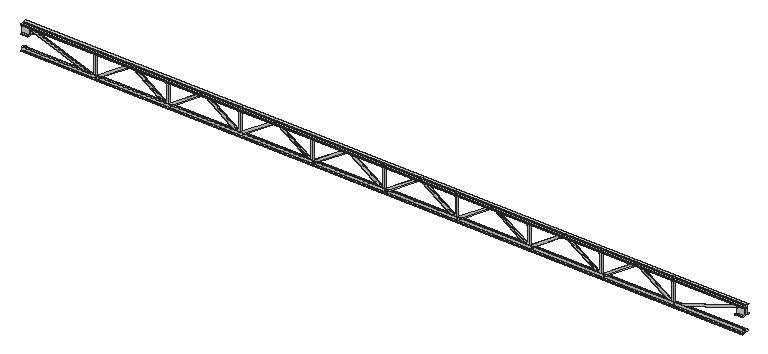
Revit family
Parameters (values of type "508VG")
  Web Thickness = 25 mm
  Vertical Member Visibility = yes
  Start Offset [instance] = 0 mm
  Top Chord Start Extension [instance] = 0 mm
  SpaceNum [instance] = 10
  Seat Length = 150 mm
  Seat Depth [instance] = 190 mm
  Rendering Material = none
  PanelWidth [instance] = Length / SpaceNum  # 1500 mm
  PanelArrayNum [instance] = SpaceNum - 3  # 7
  Panel Point Load [instance] = 18.00 kN
  Offset Length 2 [instance] = End Panel - End Offset + Bottom Chord End Extension  # 1500 mm
  Offset Length 1 [instance] = End Panel - Start Offset + Bottom Chord Start Extension  # 1500 mm
  Girder Type = "VG"
  End Panel [instance] = PanelWidth  # 1500 mm
  End Offset [instance] = 0 mm
  Top Chord End Extension [instance] = 0 mm
  Depth = 508 mm
  Cord Leg = 63.5 mm
  Chord Thickness = 12.5 mm
  Bottom Chord Start Extension [instance] = 0 mm
  Bottom Chord End Extension [instance] = 0 mm
  Assembly Code = "B1010350"
  Length [instance] = 15000 mm
Reference planes
  plane 1 "Center (Front/Back)": y = 0
  plane 2: z = 0
  plane 3 "Center (Left/Right)": x = 689.576
  plane 4 "Member Left": x = -5888.19
  plane 5 "Member Right": x = 6786.41
  plane 6: y = 76
  plane 7: y = -76
  plane 8: z = 254
  plane 9: z = -254
  plane 10 "Left": x = -6810.424
  plane 11 "Stick Symbol Left": x = -5837.39
  plane 12 "Stick Symbol Right": x = 6735.61
  plane 13 "Right": x = 8189.576
  plane 14: z = 64
  plane 15: x = -6660.424
  plane 16: x = -5310.424
  plane 17: x = 8039.576
  plane 18: x = 6689.576
  plane 19: y = 12.5
  plane 20: y = -12.5
  plane 21: z = 190.5
  plane 22: z = -190.5
  plane 23: z = -247.65
  plane 24: z = 247.65
  plane 25: x = -6810.424
  plane 26: x = 8189.576
  plane 27: x = -6810.424
  plane 28: x = 8189.576
  plane 29: x = 5189.576
  plane 30: x = -6810.424
  plane 31: x = 8189.576
  plane 32: x = -3810.424
Forms (mm)
  Extrusion 1, solid, material <- "Rendering Material", detail levels medium+fine
    sketch origin (689.576, 0, 0) x (0, 1, 0) y (0, 0, 1)
      loop
        line (76, 254) -> (12.5, 254) -> (12.5, 190.5) -> (25, 190.5) -> (25, 241.5) -> (76, 241.5) -> (76, 254)
      loop
        line (-76, 254) -> (-76, 241.5) -> (-25, 241.5) -> (-25, 190.5) -> (-12.5, 190.5) -> (-12.5, 254) -> (-76, 254)
    from -7500 to 7500
  Extrusion 2, solid, material <- "Rendering Material", detail levels medium+fine
    sketch origin (689.576, 0, 0) x (0, 1, 0) y (0, 0, 1)
      loop
        line (12.5, -190.5) -> (12.5, -254) -> (76, -254) -> (76, -241.5) -> (25, -241.5) -> (25, -190.5) -> (12.5, -190.5)
      loop
        line (-12.5, -190.5) -> (-25, -190.5) -> (-25, -241.5) -> (-76, -241.5) -> (-76, -254) -> (-12.5, -254) -> (-12.5, -190.5)
    from -7500 to 7500
  Extrusion 3, solid, material <- "Rendering Material", detail levels medium+fine
    sketch origin (689.576, 0, 0) x (0, 1, 0) y (0, 0, 1)
      loop
        line (76, 64) -> (76, 76.5) -> (25, 76.5) -> (25, 190.5) -> (12.5, 190.5) -> (12.5, 64) -> (76, 64)
      loop
        line (-76, 64) -> (-12.5, 64) -> (-12.5, 190.5) -> (-25, 190.5) -> (-25, 76.5) -> (-76, 76.5) -> (-76, 64)
    from 7350 to 7500
  Extrusion 4, solid, material <- "Rendering Material", detail levels medium+fine
    sketch origin (689.576, 0, 0) x (0, 1, 0) y (0, 0, 1)
      loop
        line (-76, 64) -> (-12.5, 64) -> (-12.5, 190.5) -> (-25, 190.5) -> (-25, 76.5) -> (-76, 76.5) -> (-76, 64)
      loop
        line (12.5, 64) -> (76, 64) -> (76, 76.5) -> (25, 76.5) -> (25, 190.5) -> (12.5, 190.5) -> (12.5, 64)
    from -7500 to -7350
  Sweep 5, solid, material <- "Rendering Material", detail levels fine
    path in 3D
      loop
        line (6689.576, 0, -247.65) -> (8039.576, 0, 190.5)
    profile "Web-Profile : Web-Profile" origin (7364.576, 0, -28.575) x (-0.308704, 0, 0.951158) y (0, -1, 0)
      loop
        line (-25.4, 18.85) -> (-25.4, 6.15) -> (25.4, 6.15) -> (25.4, 18.85) -> (-25.4, 18.85)
  Sweep 6, solid, material <- "Rendering Material", detail levels fine
    path in 3D
      loop
        line (-6660.424, 0, 190.5) -> (-5310.424, 0, -247.65)
    profile "Web-Profile : Web-Profile" origin (-5985.424, 0, -28.575) x (0.308704, 0, 0.951158) y (0, -1, 0)
      loop
        line (-25.4, 6.35) -> (-25.4, -6.35) -> (25.4, -6.35) -> (25.4, 6.35) -> (-25.4, 6.35)
Lines and regions (mm)
  symbolic lines, style "StructuralFraming", detail levels coarse
    curve 1: line (0, 76, 254) -> (0, 12.5, 254)
    curve 2: line (0, -76, -254) -> (0, -12.5, -254)
    curve 12: line (0, 12.5, -254) -> (0, 76, -254)
    curve 13: line (689.576, 12.5, -254) -> (689.576, 12.5, -190.5)
    curve 14: line (689.576, -12.5, -254) -> (689.576, -12.5, -190.5)
    curve 15: line (689.576, -12.5, 254) -> (689.576, -12.5, 190.5)
    curve 16: line (689.576, 12.5, 254) -> (689.576, 12.5, 190.5)
    curve 17: line (0, -12.5, 254) -> (0, -76, 254)
  symbolic lines, style "StructuralFraming", detail levels coarse+medium
    curve 3: line (0, 0, -254) -> (0, 0, 254)
  reference lines
    curve 4: line (-5687.39, 0, -377.508) -> (-5687.39, 0, 333.692)
    curve 5: line (-4187.39, 0, -383.858) -> (-4187.39, 0, 333.692)
    curve 6: line (6585.61, 0, -324.588) -> (6585.61, 0, 335.812)
    curve 7: line (5085.61, 0, -451.588) -> (5085.61, 0, 335.812)
  model lines, style "Joist Girder", detail levels coarse
    curve 8: line (5085.61, 0, -254) -> (-4187.39, 0, -254)
    curve 9: line (6735.61, 0, 254) -> (-5837.39, 0, 254)
  model lines, style "StructuralFraming", detail levels medium
    curve 10: line (-6660.424, 0, 190.5) -> (-5310.424, 0, -247.65)
    curve 11: line (6689.576, 0, -247.65) -> (8039.576, 0, 190.5)
  model lines, style "Web Joist", detail levels coarse
    curve 18: line (-4187.39, 0, -254) -> (-5687.39, 0, 254)
    curve 19: line (5085.61, 0, -254) -> (6585.61, 0, 254)
  sketch lines
    curve 20: line (6689.576, 0, -247.65) -> (8039.576, 0, 190.5)
    curve 21: line (-6660.424, 0, 190.5) -> (-5310.424, 0, -247.65)
  symbolic lines, detail levels fine
    curve 22: line (689.576, 12.5, 247.65) -> (689.576, -12.5, 247.65)
    curve 23: line (689.576, 12.5, -247.65) -> (689.576, -12.5, -247.65)
    curve 24: line (689.576, 12.5, -190.5) -> (689.576, 12.5, 190.5)
    curve 25: line (689.576, -12.5, -190.5) -> (689.576, -12.5, 190.5)
Dimensions and locks
  equal spacing: plane 9, plane 2, plane 8
  "Length": plane 10 "Left" to plane 13 "Right"
  equal spacing: plane 10 "Left", plane 3 "Center (Left/Right)", plane 13 "Right"
  "Seat Length": curve 4 to plane 11 "Stick Symbol Left"
  "End Panel": curve 5 to curve 4
  "Seat Length": curve 6 to plane 12 "Stick Symbol Right"
  "End Panel": curve 6 to curve 7
  "Depth": plane 9 to plane 8
  "Seat Depth": plane 8 to plane 14
  "End Panel": plane 10 "Left" to plane 16
  "End Panel": plane 13 "Right" to plane 18
  "Web Thickness": plane 19 to plane 20
  equal spacing: plane 19, plane 1 "Center (Front/Back)", plane 20
  "Cord Leg": plane 20 to plane 7
  "Cord Leg": plane 6 to plane 19
  "Cord Leg": plane 9 to plane 22
  "Cord Leg": plane 21 to plane 8
  "Chord Thickness": plane 8 to Extrusion 1 sketch curve
  "Chord Thickness": Extrusion 1 sketch curve to plane 8
  "Chord Thickness": plane 20 to Extrusion 1 sketch curve
  "Chord Thickness": Extrusion 1 sketch curve to plane 19
  "Chord Thickness": plane 9 to Extrusion 2 sketch curve  (x2)
  "Chord Thickness": Extrusion 2 sketch curve to plane 19
  "Chord Thickness": plane 20 to Extrusion 2 sketch curve
  "Chord Thickness": plane 14 to Extrusion 3 sketch curve  (x2)
  "Chord Thickness": plane 20 to Extrusion 3 sketch curve
  "Chord Thickness": Extrusion 3 sketch curve to plane 19
  "Chord Thickness": plane 14 to Extrusion 4 sketch curve  (x2)
  "Chord Thickness": Extrusion 4 sketch curve to plane 19
  "Chord Thickness": plane 20 to Extrusion 4 sketch curve
  locked: plane 23 to plane 9 at 6.35
  locked: plane 8 to plane 24 at 6.35
  "Start Offset": plane 10 "Left" to plane 27
  "Seat Length": plane 27 to plane 15
  "Top Chord Start Extension": plane 25 to plane 27
  "End Offset": plane 28 to plane 13 "Right"
  "Seat Length": plane 17 to plane 28
  "Top Chord End Extension": plane 28 to plane 26
  "PanelWidth": plane 18 to plane 29
  "Offset Length 1": plane 16 to plane 30
  "Offset Length 2": plane 31 to plane 18
  "PanelWidth": plane 16 to plane 32
  equal spacing: group 1, group 2, group 3, group 4, group 5, group 6, group 7  (x3)
  aligned and locked: curve 8 to plane 9
  aligned and locked: curve 9 to plane 8
  aligned and locked: plane 11 "Stick Symbol Left" to curve 9
  aligned and locked: curve 5 to curve 8
  aligned and locked: curve 7 to curve 8
  aligned and locked: plane 8 to Extrusion 1 sketch curve
  aligned and locked: Extrusion 1 sketch curve to plane 8
  aligned and locked: plane 6 to Extrusion 1 sketch curve
  aligned and locked: plane 7 to Extrusion 1 sketch curve
  aligned and locked: Extrusion 1 sketch curve to plane 21
  aligned and locked: plane 21 to Extrusion 1 sketch curve
  aligned and locked: plane 9 to Extrusion 2 sketch curve
  aligned and locked: Extrusion 2 sketch curve to plane 9
  aligned and locked: plane 6 to Extrusion 2 sketch curve
  aligned and locked: plane 7 to Extrusion 2 sketch curve
  aligned and locked: plane 19 to Extrusion 2 sketch curve
  aligned and locked: plane 20 to Extrusion 2 sketch curve
  aligned and locked: Extrusion 2 sketch curve to plane 22
  aligned and locked: plane 22 to Extrusion 2 sketch curve
  aligned and locked: Extrusion 3 sketch curve to plane 7
  aligned and locked: plane 14 to Extrusion 3 sketch curve
  aligned and locked: Extrusion 3 sketch curve to plane 14
  aligned and locked: Extrusion 3 sketch curve to plane 6
  aligned and locked: Extrusion 3 sketch curve to plane 20
  aligned and locked: Extrusion 3 sketch curve to plane 19
  aligned and locked: Extrusion 3 sketch curve to plane 21
  aligned and locked: plane 21 to Extrusion 3 sketch curve
  aligned and locked: Extrusion 3 to plane 17
  aligned and locked: plane 6 to Extrusion 4 sketch curve
  aligned and locked: Extrusion 4 sketch curve to plane 7
  aligned and locked: Extrusion 4 sketch curve to plane 19
  aligned and locked: plane 20 to Extrusion 4 sketch curve
  aligned and locked: plane 21 to Extrusion 4 sketch curve  (x2)
  aligned and locked: Extrusion 4 sketch curve to plane 14  (x2)
  aligned and locked: plane 15 to Extrusion 4
  aligned and locked: Extrusion 2 to curve 13
  aligned and locked: curve 13 to Extrusion 2
  aligned and locked: curve 2 to curve 14
  aligned and locked: curve 14 to Extrusion 2
  aligned and locked: Extrusion 1 to curve 15
  aligned and locked: curve 15 to Extrusion 1
  aligned and locked: curve 16 to Extrusion 1  (x2)
  aligned and locked: curve 1 to Extrusion 1
  aligned and locked: plane 12 "Stick Symbol Right" to curve 9
  aligned and locked: curve 11 to Extrusion 3
  aligned and locked: curve 4 to curve 18
  aligned and locked: curve 6 to curve 19
  aligned and locked: plane 25 to Extrusion 1
  aligned and locked: Extrusion 3 to plane 26
  aligned and locked: Extrusion 1 to plane 26
  aligned and locked: plane 25 to Extrusion 4
  aligned and locked: plane 15 to curve 10
  aligned and locked: Extrusion 1 to curve 10
  aligned and locked: plane 17 to curve 11
  aligned and locked: plane 1 "Center (Front/Back)" to nested 1
  aligned and locked: nested 1 to plane 16
  aligned and locked: plane 9 to nested 1
  aligned and locked: plane 23 to curve 10
  aligned and locked: plane 16 to curve 10
  aligned and locked: plane 18 to curve 11
  aligned and locked: plane 23 to curve 11
  aligned and locked: Extrusion 2 to plane 30
  aligned and locked: plane 31 to Extrusion 2
  aligned and locked: plane 32 to nested 2
  aligned and locked: nested 2 to plane 8
  aligned and locked: plane 1 "Center (Front/Back)" to nested 8
  aligned and locked: plane 29 to nested 8
  aligned and locked: nested 8 to plane 8
Automatic sketch dimensions
  Extrusion 1 sketch curve to plane 20 = 0 mm
  Extrusion 1 sketch curve to plane 19 = 0 mm
  curve 12 to plane 6 = 0 mm
  curve 1 to plane 6 = 0 mm
  curve 12 to plane 9 = 0 mm
  curve 12 to plane 19 = 0 mm
  curve 1 to plane 19 = 0 mm
  curve 17 to plane 8 = 0 mm
  curve 17 to plane 20 = 0 mm
  curve 17 to plane 7 = 0 mm
  plane 9 to curve 7 = 197.588 mm
  plane 9 to curve 5 = 129.858 mm
  plane 9 to curve 4 = 123.508 mm
  plane 9 to curve 6 = 70.588 mm
  curve 5 to plane 8 = 79.692 mm
  curve 4 to plane 8 = 79.692 mm
  curve 7 to plane 8 = 81.812 mm
  curve 6 to plane 8 = 81.812 mm
  curve 2 to plane 7 = 0 mm
  curve 2 to plane 9 = 0 mm
  curve 2 to plane 20 = 0 mm
  curve 3 to plane 1 "Center (Front/Back)" = 0 mm
  curve 3 to plane 9 = 0 mm
  curve 23 to plane 23 = 0 mm
  curve 25 to plane 22 = 0 mm
  curve 24 to plane 22 = 0 mm
  curve 16 to plane 21 = 0 mm
  curve 15 to plane 21 = 0 mm
  curve 22 to plane 24 = 0 mm
  curve 3 to plane 8 = 0 mm
Nested families
  nested 1: "VG Angled Web" at (-5310.424, 0, 0), type "VG Angled Web"
  nested 2: "VG Angled Web" at (-3810.424, 0, 0), type "VG Angled Web"
  nested 3: "VG Angled Web" at (-2310.424, 0, 0), type "VG Angled Web"
  nested 4: "VG Angled Web" at (-810.424, 0, 0), type "VG Angled Web"
  nested 5: "VG Angled Web" at (689.576, 0, 0), type "VG Angled Web"
  nested 6: "VG Angled Web" at (2189.576, 0, 0), type "VG Angled Web"
  nested 7: "VG Angled Web" at (3689.576, 0, 0), type "VG Angled Web"
  nested 8: "VG Angled Web-Right" at (5189.576, 0, 0), type "VG Angled Web-Right"
Definition of nested family "VG Angled Web"
  Parameters (values of type "VG Angled Web")
    WebMaterial = none
    Web Thickness = Thickness / 2  # 12.5 mm
    Web Offset = Web Leg / 2  # 25.4 mm
    Web Leg = 50.8 mm
    Vertical Member Visibility = yes
    Thickness = 25 mm
    PanelHeight = 508 mm
    PanelWidth = 1500 mm
    Assembly Code = ""
  Reference planes
    plane 1 "Center (Front/Back)": y = 0
    plane 2: z = 0
    plane 3 "Center (Left/Right)": x = 0
    plane 4: x = 1500
    plane 5: x = 750
    plane 6: z = -254
    plane 7: z = -228.6
    plane 8: z = 229
    plane 9: z = 254
    plane 10: y = -12.5
    plane 11: y = 12.5
    plane 12: z = 190.5
    plane 13: z = -190.5
  Forms (mm)
    Sweep 1, solid, material <- "WebMaterial", detail levels fine
      path in 3D
        loop
          line (0, 0, -228.6) -> (25.4, 0, -228.6) -> (724.6, 0, 229) -> (775.4, 0, 229)
      profile origin (12.7, 0, -228.6) x (0, 0, 1) y (0, -1, 0)
        loop
          line (25.4, 0) -> (25.4, 12.5) -> (-25.4, 12.5) -> (-25.4, 0) -> (25.4, 0)
    Sweep 2, solid, material <- "WebMaterial", detail levels fine
      path in 3D
        loop
          line (1500, 0, -228.6) -> (1474.6, 0, -228.6) -> (775.4, 0, 229) -> (724.6, 0, 229)
      profile origin (1487.3, 0, -228.6) x (0, 0, -1) y (0, -1, 0)
        loop
          line (-25.4, -12.5) -> (25.4, -12.5) -> (25.4, 0) -> (-25.4, 0) -> (-25.4, -12.5)
    Sweep 3, solid, material <- "WebMaterial", detail levels fine
      path in 3D
        loop
          line (108.114, -12.5, -204.823) -> (717.145, -12.5, 193.765)
      profile origin (412.629, -12.5, -5.529) x (-0.54761, 0, 0.836733) y (0, -1, 0)
        loop
          line (0, 0) -> (12.5, 0) -> (12.5, 38.3) -> (0, 38.3) -> (0, 0)
    Sweep 4, solid, material <- "WebMaterial", detail levels fine
      path in 3D
        loop
          line (1391.886, 12.5, -204.823) -> (782.855, 12.5, 193.765)
      profile origin (1087.371, 12.5, -5.529) x (0.54761, 0, 0.836733) y (0, 1, 0)
        loop
          line (0, 0) -> (12.5, 0) -> (12.5, 38.3) -> (0, 38.3) -> (0, 0)
    Sweep 5, solid, material <- "WebMaterial", visible <- "Vertical Member Visibility", detail levels fine
      path origin (0, 0, 0) x (1, 0, 0) y (0, 1, 0)
        loop
          line (0, 12.5) -> (0, -12.5)
      profile origin (0, 0, 0) x (1, 0, 0) y (0, 0, 1)
        loop
          line (-25.4, 254) -> (-25.4, 171.45) -> (-14.287, 160.338) -> (-14.287, -160.338) -> (-25.4, -171.45) -> (-25.4, -254) -> (25.4, -254) -> (25.4, 254) -> (-25.4, 254)
  Cuts and joins
    joined: Sweep 2, Sweep 4
  Lines and regions (mm)
    model lines, style "InvisibleLines"
      curve 1: line (0, 0, -254) -> (0, 0, 254)
      curve 2: line (0, 0, 254) -> (1500, 0, 254)
      curve 3: line (1500, 0, 254) -> (1500, 0, -254)
      curve 4: line (1500, 0, -254) -> (0, 0, -254)
    model lines, style "StructuralFraming", detail levels medium
      curve 5: line (724.6, 0, 229) -> (775.4, 0, 229)
      curve 6: line (0, 0, -228.6) -> (25.4, 0, -228.6)
      curve 7: line (1500, 0, -228.6) -> (1474.6, 0, -228.6)
      curve 8: line (25.4, 0, -228.6) -> (724.6, 0, 229)
      curve 9: line (775.4, 0, 229) -> (1474.6, 0, -228.6)
    sketch lines
      curve 10: line (0, 0, -228.6) -> (25.4, 0, -228.6)
      curve 11: line (25.4, 0, -228.6) -> (724.6, 0, 229)
      curve 12: line (724.6, 0, 229) -> (775.4, 0, 229)
      curve 13: line (1500, 0, -228.6) -> (1474.6, 0, -228.6)
      curve 14: line (775.4, 0, 229) -> (1474.6, 0, -228.6)
      curve 15: line (724.6, 0, 229) -> (775.4, 0, 229)
      curve 16: line (108.114, -12.5, -204.823) -> (717.145, -12.5, 193.765)
      curve 17: line (1391.886, 12.5, -204.823) -> (782.855, 12.5, 193.765)
    model lines, visible <- "Vertical Member Visibility", detail levels medium
      curve 18: line (0, 0, 254) -> (0, 0, -254)
  Dimensions and locks
    "PanelWidth": plane 4 to plane 3 "Center (Left/Right)"
    equal spacing: plane 4, plane 5, plane 3 "Center (Left/Right)"
    plane 7 to plane 6 = 25.4 mm
    "Thickness": plane 9 to plane 8
    "PanelHeight": plane 9 to plane 6
    equal spacing: plane 9, plane 2, plane 6
    "Thickness": plane 11 to plane 10
    equal spacing: plane 11, plane 1 "Center (Front/Back)", plane 10
    locked: plane 9 to plane 12 at 63.5
    plane 13 to plane 6 = 63.5 mm
    "Web Offset": plane 7 to plane 6
    "Web Offset": curve 6 to plane 3 "Center (Left/Right)"
    "Web Offset": curve 7 to plane 4
    "Web Offset": plane 5 to curve 5
    "Web Offset": curve 5 to plane 5
    "Web Leg": Sweep 1 sketch curve to Sweep 1 sketch curve
    equal spacing: Sweep 1 sketch curve, plane 7, Sweep 1 sketch curve
    equal spacing: Sweep 2 sketch curve, profile plane, Sweep 2 sketch curve
    "Web Leg": Sweep 2 sketch curve to Sweep 2 sketch curve
    "Web Leg": plane 1 "Center (Front/Back)" to Sweep 3 sketch curve
    "Web Thickness": Sweep 3 sketch curve to Sweep 3 sketch curve
    "Web Leg": plane 1 "Center (Front/Back)" to Sweep 4 sketch curve
    "Web Thickness": Sweep 4 sketch curve to Sweep 4 sketch curve
    equal spacing: Sweep 5 sketch curve, plane 3 "Center (Left/Right)", Sweep 5 sketch curve
    "Web Leg": Sweep 5 sketch curve to Sweep 5 sketch curve  (x2)
    locked: Sweep 5 sketch curve to Sweep 5 sketch curve at 82.55  (x2)
    locked: Sweep 5 sketch curve to Sweep 5 sketch curve at 11.113
    equal spacing: Sweep 5 sketch curve, plane 2, Sweep 5 sketch curve
    locked: Sweep 5 sketch curve to Sweep 5 sketch curve (angle 45.00°)  (x2)
    aligned and locked: plane 8 to curve 5
    aligned and locked: curve 7 to plane 7
    aligned and locked: plane 7 to curve 6
    aligned and locked: plane 10 to Sweep 1 sketch curve
    aligned and locked: Sweep 1 sketch curve to plane 1 "Center (Front/Back)"
    aligned and locked: Sweep 2 sketch curve to plane 11
    aligned and locked: profile plane to Sweep 2 sketch curve
    aligned and locked: Sweep 1 to curve 16
    aligned and locked: Sweep 3 sketch curve to profile plane
    aligned and locked: plane 10 to Sweep 3 sketch curve
    aligned and locked: Sweep 4 sketch curve to plane 11
    aligned and locked: profile plane to Sweep 4 sketch curve
    aligned and locked: plane 11 to Sweep 5 sketch curve
    aligned and locked: plane 10 to Sweep 5 sketch curve
    aligned and locked: Sweep 5 sketch curve to plane 3 "Center (Left/Right)"
    aligned and locked: Sweep 5 sketch curve to plane 6
    aligned and locked: Sweep 5 sketch curve to plane 9
    aligned and locked: curve 18 to plane 3 "Center (Left/Right)"
    aligned and locked: plane 9 to curve 18
    aligned and locked: plane 6 to curve 18
  Automatic sketch dimensions
    curve 3 to plane 4 = 0 mm
Definition of nested family "VG Angled Web-Right"
  Parameters (values of type "VG Angled Web-Right")
    WebMaterial = none
    Web Thickness = Thickness / 2  # 12.5 mm
    Web Offset = Web Leg / 2  # 25.4 mm
    Web Leg = 50.8 mm
    Vertical Member Visibility = yes
    Thickness = 25 mm
    PanelHeight = 508 mm
    PanelWidth = 1500 mm
    Assembly Code = ""
  Reference planes
    plane 1 "Center (Front/Back)": y = 0
    plane 2: z = 0
    plane 3 "Center (Left/Right)": x = 0
    plane 4: x = 1500
    plane 5: x = 750
    plane 6: z = -254
    plane 7: z = -228.6
    plane 8: z = 229
    plane 9: z = 254
    plane 10: y = -12.5
    plane 11: y = 12.5
    plane 12: z = 190.5
    plane 13: z = -190.5
  Forms (mm)
    Sweep 1, solid, material <- "WebMaterial", detail levels fine
      path in 3D
        loop
          line (0, 0, -228.6) -> (25.4, 0, -228.6) -> (724.6, 0, 229) -> (775.4, 0, 229)
      profile origin (12.7, 0, -228.6) x (0, 0, 1) y (0, -1, 0)
        loop
          line (25.4, 0) -> (25.4, 12.5) -> (-25.4, 12.5) -> (-25.4, 0) -> (25.4, 0)
    Sweep 2, solid, material <- "WebMaterial", detail levels fine
      path in 3D
        loop
          line (1500, 0, -228.6) -> (1474.6, 0, -228.6) -> (775.4, 0, 229) -> (724.6, 0, 229)
      profile origin (1487.3, 0, -228.6) x (0, 0, -1) y (0, -1, 0)
        loop
          line (-25.4, -12.5) -> (25.4, -12.5) -> (25.4, 0) -> (-25.4, 0) -> (-25.4, -12.5)
    Sweep 3, solid, material <- "WebMaterial", detail levels fine
      path in 3D
        loop
          line (108.114, -12.5, -204.823) -> (717.145, -12.5, 193.765)
      profile origin (412.629, -12.5, -5.529) x (-0.54761, 0, 0.836733) y (0, -1, 0)
        loop
          line (0, 0) -> (12.5, 0) -> (12.5, 38.3) -> (0, 38.3) -> (0, 0)
    Sweep 4, solid, material <- "WebMaterial", detail levels fine
      path in 3D
        loop
          line (1391.886, 12.5, -204.823) -> (782.855, 12.5, 193.765)
      profile origin (1087.371, 12.5, -5.529) x (0.54761, 0, 0.836733) y (0, 1, 0)
        loop
          line (0, 0) -> (12.5, 0) -> (12.5, 38.3) -> (0, 38.3) -> (0, 0)
    Sweep 5, solid, material <- "WebMaterial", visible <- "Vertical Member Visibility", detail levels fine
      path origin (0, 0, 0) x (1, 0, 0) y (0, 1, 0)
        loop
          line (0, 12.5) -> (0, -12.5)
      profile origin (0, 0, 0) x (1, 0, 0) y (0, 0, 1)
        loop
          line (-25.4, 254) -> (-25.4, 171.45) -> (-14.287, 160.337) -> (-14.287, -160.337) -> (-25.4, -171.45) -> (-25.4, -254) -> (25.4, -254) -> (25.4, 254) -> (-25.4, 254)
    Sweep 6, solid, material <- "WebMaterial", visible <- "Vertical Member Visibility", detail levels fine
      path origin (0, 0, 0) x (1, 0, 0) y (0, 1, 0)
        loop
          line (1500, 12.5) -> (1500, -12.5)
      profile origin (1500, 0, 0) x (1, 0, 0) y (0, 0, 1)
        loop
          line (-25.4, 254) -> (-25.4, 171.45) -> (-14.288, 160.337) -> (-14.288, -160.337) -> (-25.4, -171.45) -> (-25.4, -254) -> (25.4, -254) -> (25.4, 254) -> (-25.4, 254)
  Cuts and joins
    joined: Sweep 1, Sweep 3
  Lines and regions (mm)
    model lines, style "InvisibleLines"
      curve 1: line (0, 0, -254) -> (0, 0, 254)
      curve 2: line (0, 0, 254) -> (1500, 0, 254)
      curve 3: line (1500, 0, 254) -> (1500, 0, -254)
      curve 4: line (1500, 0, -254) -> (0, 0, -254)
    model lines, style "StructuralFraming", detail levels medium
      curve 5: line (724.6, 0, 229) -> (775.4, 0, 229)
      curve 6: line (0, 0, -228.6) -> (25.4, 0, -228.6)
      curve 7: line (1500, 0, -228.6) -> (1474.6, 0, -228.6)
      curve 8: line (25.4, 0, -228.6) -> (724.6, 0, 229)
      curve 9: line (775.4, 0, 229) -> (1474.6, 0, -228.6)
    sketch lines
      curve 10: line (0, 0, -228.6) -> (25.4, 0, -228.6)
      curve 11: line (25.4, 0, -228.6) -> (724.6, 0, 229)
      curve 12: line (724.6, 0, 229) -> (775.4, 0, 229)
      curve 13: line (1500, 0, -228.6) -> (1474.6, 0, -228.6)
      curve 14: line (775.4, 0, 229) -> (1474.6, 0, -228.6)
      curve 15: line (724.6, 0, 229) -> (775.4, 0, 229)
      curve 16: line (108.114, -12.5, -204.823) -> (717.145, -12.5, 193.765)
      curve 17: line (1391.886, 12.5, -204.823) -> (782.855, 12.5, 193.765)
    model lines, visible <- "Vertical Member Visibility", detail levels medium
      curve 18: line (0, 0, 254) -> (0, 0, -254)
      curve 19: line (1500, 0, 254) -> (1500, 0, -254)
  Dimensions and locks
    "PanelWidth": plane 4 to plane 3 "Center (Left/Right)"
    equal spacing: plane 4, plane 5, plane 3 "Center (Left/Right)"
    plane 7 to plane 6 = 25.4 mm
    "Thickness": plane 9 to plane 8
    "PanelHeight": plane 9 to plane 6
    equal spacing: plane 9, plane 2, plane 6
    "Thickness": plane 11 to plane 10
    equal spacing: plane 11, plane 1 "Center (Front/Back)", plane 10
    locked: plane 9 to plane 12 at 63.5
    plane 13 to plane 6 = 63.5 mm
    "Web Offset": plane 7 to plane 6
    "Web Offset": curve 6 to plane 3 "Center (Left/Right)"
    "Web Offset": curve 7 to plane 4
    "Web Offset": plane 5 to curve 5
    "Web Offset": curve 5 to plane 5
    "Web Leg": Sweep 1 sketch curve to Sweep 1 sketch curve
    equal spacing: Sweep 1 sketch curve, plane 7, Sweep 1 sketch curve
    equal spacing: Sweep 2 sketch curve, profile plane, Sweep 2 sketch curve
    "Web Leg": Sweep 2 sketch curve to Sweep 2 sketch curve
    "Web Leg": plane 1 "Center (Front/Back)" to Sweep 3 sketch curve
    "Web Thickness": Sweep 3 sketch curve to Sweep 3 sketch curve
    "Web Leg": plane 1 "Center (Front/Back)" to Sweep 4 sketch curve
    "Web Thickness": Sweep 4 sketch curve to Sweep 4 sketch curve
    equal spacing: Sweep 5 sketch curve, plane 3 "Center (Left/Right)", Sweep 5 sketch curve
    "Web Leg": Sweep 5 sketch curve to Sweep 5 sketch curve  (x2)
    locked: Sweep 5 sketch curve to Sweep 5 sketch curve at 82.55  (x2)
    locked: Sweep 5 sketch curve to Sweep 5 sketch curve at 11.113
    equal spacing: Sweep 5 sketch curve, plane 2, Sweep 5 sketch curve
    equal spacing: Sweep 6 sketch curve, plane 4, Sweep 6 sketch curve
    "Web Leg": Sweep 6 sketch curve to Sweep 6 sketch curve  (x2)
    locked: Sweep 6 sketch curve to Sweep 6 sketch curve at 82.55  (x2)
    locked: Sweep 6 sketch curve to Sweep 6 sketch curve at 11.113
    equal spacing: Sweep 6 sketch curve, plane 2, Sweep 6 sketch curve
    locked: Sweep 5 sketch curve to Sweep 5 sketch curve (angle 45.00°)  (x2)
    locked: Sweep 6 sketch curve to Sweep 6 sketch curve (angle 45.00°)  (x2)
    aligned and locked: plane 8 to curve 5
    aligned and locked: curve 7 to plane 7
    aligned and locked: plane 7 to curve 6
    aligned and locked: plane 10 to Sweep 1 sketch curve
    aligned and locked: Sweep 1 sketch curve to plane 1 "Center (Front/Back)"
    aligned and locked: Sweep 2 sketch curve to plane 11
    aligned and locked: profile plane to Sweep 2 sketch curve
    aligned and locked: Sweep 1 to curve 16
    aligned and locked: Sweep 3 sketch curve to profile plane
    aligned and locked: plane 10 to Sweep 3 sketch curve
    aligned and locked: Sweep 4 sketch curve to plane 11
    aligned and locked: profile plane to Sweep 4 sketch curve
    aligned and locked: plane 11 to Sweep 5 sketch curve
    aligned and locked: plane 10 to Sweep 5 sketch curve
    aligned and locked: Sweep 5 sketch curve to plane 3 "Center (Left/Right)"
    aligned and locked: Sweep 5 sketch curve to plane 6
    aligned and locked: Sweep 5 sketch curve to plane 9
    aligned and locked: curve 18 to plane 3 "Center (Left/Right)"
    aligned and locked: plane 9 to curve 18
    aligned and locked: plane 6 to curve 18
    aligned and locked: plane 4 to Sweep 6 sketch curve
    aligned and locked: Sweep 6 sketch curve to plane 11
    aligned and locked: Sweep 6 sketch curve to plane 10
    aligned and locked: plane 9 to Sweep 6 sketch curve
    aligned and locked: Sweep 6 sketch curve to plane 6
    aligned and locked: plane 4 to curve 19
    aligned and locked: curve 19 to plane 9
    aligned and locked: plane 6 to curve 19
